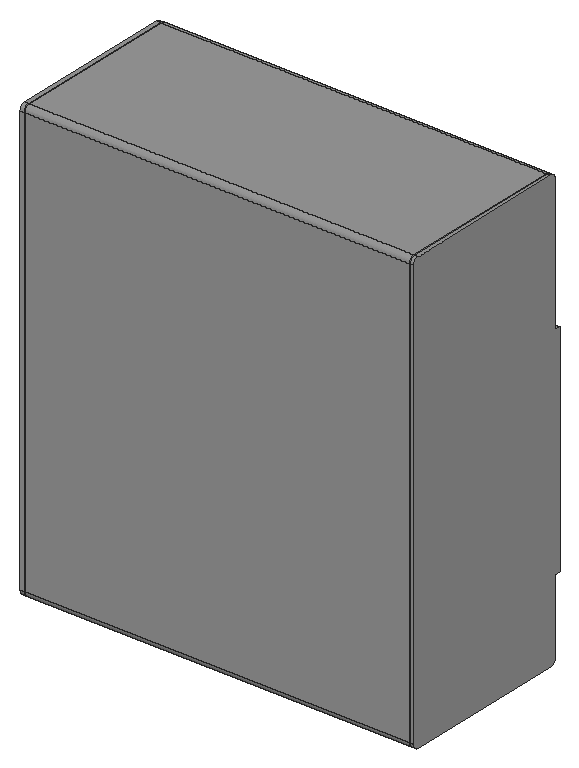
Revit family "L&L_LUCE&LIGHT_PASITO_1.0", category Lighting Fixtures, host Wall, Revit 2018 (continued)
Types (2, lengths in mm): name | Photometric Web File | built-in parameter 1150142
     1.71 1.66 1.62 \r\n1.58 1.53 1.49 1.44 1.40 1.35 1.31 1.27 1.23 1.19 1.14 \r\n1.10 1.06 1.02 0.98 0.94 0.91 0.88 0.85 0.81 0.79 0.76 \r\n0.74 0.71 0.69 0.68 0.65 0.64 0.62 0.60 0.59 0.57 0.56 \r\n0.55 0.53 0.52 0.51 0.50 0.48 0.47 0.46 0.45 0.44 0.43 \r\n0.42 0.41 0.40 0.39 0.37 0.37 0.36 0.35 0.33 0.32 0.31 \r\n0.30 0.29 0.28 0.27 0.27 0.25 0.24 0.23 0.22 0.20 0.14 \r\n0.07 0.02 0.00 \r\n0.00 0.01 0.02 0.03 0.09 0.16 0.18 0.20 0.22 0.26 0.32 \r\n0.40 0.52 0.67 0.85 1.08 1.30 1.65 2.64 7.32 31.28 67.93 \r\n78.76 80.57 82.60 83.06 82.71 83.43 85.39 87.11 88.11 \r\n88.94 89.94 91.41 92.98 94.19 96.19 98.62 99.96 100.97 \r\n102.78 104.94 106.94 108.84 110.43 111.64 113.03 114.06 \r\n114.78 115.63 116.40 117.04 117.57 118.01 118.48 119.21 \r\n120.07 120.79 121.46 122.19 123.02 123.87 124.80 125.64 \r\n126.19 126.66 127.11 127.43 127.68 127.95 128.22 128.30 \r\n127.96 127.53 127.82 127.87 126.60 121.57 107.23 87.07 \r\n64.05 41.19 22.13 10.90 6.41 4.35 3.99 3.82 3.54 3.34 \r\n3.21 3.08 2.95 2.83 2.70 2.59 2.48 2.39 2.31 2.23 2.16 \r\n2.10 2.06 2.01 1.95 1.88 1.79 1.71 1.64 1.59 1.54 1.50 \r\n1.47 1.44 1.40 1.36 1.32 1.28 1.24 1.21 1.17 1.14 1.10 \r\n1.06 1.02 0.99 0.96 0.93 0.89 0.86 0.84 0.81 0.78 0.76 \r\n0.74 0.71 0.69 0.67 0.65 0.63 0.62 0.60 0.59 0.57 0.56 \r\n0.55 0.54 0.52 0.51 0.49 0.49 0.48 0.47 0.45 0.44 0.43 \r\n0.42 0.41 0.40 0.39 0.38 0.37 0.36 0.35 0.34 0.33 0.32 \r\n0.31 0.30 0.29 0.28 0.27 0.26 0.25 0.24 0.23 0.21 0.15 \r\n0.07 0.02 0.00 \r\n0.00 0.01 0.02 0.04 0.11 0.16 0.18 0.21 0.23 0.27 0.35 \r\n0.45 0.59 0.76 0.98 1.21 1.54 2.17 4.92 23.65 62.68 76.13 \r\n78.39 79.72 79.83 79.19 79.81 81.55 82.99 83.93 84.89 \r\n85.84 87.14 88.42 89.44 91.32 93.56 94.54 95.36 97.00 \r\n98.85 100.67 102.39 103.60 104.76 105.89 106.27 106.79 \r\n108.05 109.31 109.85 110.33 110.76 111.14 111.43 111.57 \r\n111.68 111.99 112.55 113.10 113.73 114.26 114.62 114.99 \r\n115.46 115.79 115.96 116.05 115.93 115.47 114.63 113.82 \r\n113.49 113.44 113.45 113.26 111.27 101.64 85.07 65.74 \r\n46.09 27.87 14.16 6.76 4.67 3.95 3.65 3.42 3.17 2.99 2.87 \r\n2.76 2.65 2.54 2.44 2.34 2.25 2.17 2.09 2.03 1.99 1.96 \r\n1.92 1.87 1.81 1.73 1.66 1.59 1.53 1.47 1.42 1.38 1.36 \r\n1.34 1.31 1.27 1.24 1.21 1.17 1.14 1.11 1.08 1.05 1.02 \r\n0.99 0.96 0.93 0.90 0.87 0.84 0.82 0.79 0.77 0.74 0.73 \r\n0.71 0.68 0.66 0.64 0.63 0.61 0.60 0.58 0.57 0.55 0.54 \r\n0.53 0.52 0.50 0.49 0.48 0.47 0.46 0.45 0.44 0.43 0.42 \r\n0.41 0.40 0.39 0.38 0.37 0.36 0.35 0.34 0.33 0.32 0.31 \r\n0.30 0.29 0.28 0.27 0.26 0.25 0.24 0.23 0.21 0.16 0.08 \r\n0.02 0.00 \r\n0.00 0.01 0.02 0.04 0.11 0.16 0.18 0.21 0.24 0.29 0.37 \r\n0.50 0.65 0.83 1.08 1.34 1.72 2.47 12.00 49.62 72.92 \r\n76.69 77.87 77.82 76.75 76.75 77.97 79.02 79.90 80.62 \r\n81.28 82.53 83.50 84.29 85.81 87.74 88.93 89.85 91.19 \r\n92.75 94.23 95.42 96.24 96.92 97.56 97.54 97.25 98.07 \r\n99.25 99.94 100.75 101.35 101.90 102.21 101.88 101.34 \r\n100.80 100.25 99.86 99.82 99.80 99.20 98.70 98.75 99.04 \r\n99.59 100.44 101.21 100.91 99.50 98.84 99.56 99.89 99.80 \r\n100.73 101.03 96.15 84.40 69.20 52.74 35.35 19.41 8.83 \r\n4.67 3.82 3.48 3.26 3.07 2.90 2.74 2.62 2.52 2.43 2.33 \r\n2.24 2.15 2.07 1.99 1.93 1.90 1.87 1.83 1.76 1.68 1.62 \r\n1.56 1.51 1.47 1.41 1.36 1.31 1.28 1.25 1.23 1.21 1.18 \r\n1.15 1.12 1.10 1.07 1.05 1.02 0.99 0.97 0.94 0.92 0.89 \r\n0.86 0.84 0.82 0.79 0.77 0.74 0.73 0.70 0.69 0.67 0.65 \r\n0.63 0.62 0.60 0.58 0.57 0.56 0.54 0.53 0.52 0.51 0.50 \r\n0.48 0.47 0.47 0.46 0.45 0.44 0.43 0.42 0.41 0.40 0.39 \r\n0.38 0.37 0.36 0.36 0.35 0.34 0.33 0.32 0.31 0.30 0.28 \r\n0.27 0.26 0.25 0.24 0.23 0.21 0.16 0.08 0.02 0.00 \r\n0.00 0.01 0.02 0.04 0.12 0.16 0.18 0.21 0.24 0.30 0.39 \r\n0.53 0.69 0.90 1.16 1.51 1.98 4.48 26.63 64.08 75.44 \r\n76.99 77.14 76.04 75.13 75.81 76.56 77.18 77.76 78.07 \r\n78.93 79.61 80.27 80.88 82.32 83.45 84.39 85.46 86.45 \r\n87.40 88.26 88.81 89.11 89.55 89.09 88.53 88.00 88.26 \r\n88.11 88.29 88.75 89.38 90.40 90.72 90.65 90.40 89.60 \r\n88.66 87.47 87.51 86.94 86.32 86.17 86.66 87.56 88.86 \r\n90.44 91.50 91.60 91.10 91.12 91.46 91.65 91.65 92.09 \r\n92.02 85.20 72.42 58.39 43.20 27.07 13.00 5.89 3.91 3.46 \r\n3.20 3.00 2.82 2.67 2.54 2.44 2.35 2.26 2.17 2.09 2.00 \r\n1.93 1.86 1.82 1.79 1.74 1.66 1.59 1.54 1.50 1.46 1.41 \r\n1.37 1.32 1.27 1.22 1.19 1.16 1.14 1.12 1.10 1.07 1.05 \r\n1.03 1.00 0.98 0.96 0.94 0.92 0.89 0.87 0.85 0.82 0.80 \r\n0.78 0.76 0.74 0.72 0.70 0.68 0.66 0.65 0.63 0.62 0.60 \r\n0.59 0.57 0.56 0.55 0.53 0.52 0.51 0.50 0.49 0.48 0.47 \r\n0.46 0.46 0.45 0.43 0.43 0.42 0.41 0.40 0.39 0.38 0.37 \r\n0.36 0.36 0.35 0.34 0.33 0.32 0.31 0.30 0.29 0.28 0.26 \r\n0.25 0.24 0.23 0.22 0.17 0.09 0.02 0.00 \r\n0.00 0.01 0.02 0.04 0.13 0.16 0.18 0.21 0.24 0.31 0.41 \r\n0.55 0.71 0.94 1.20 1.55 2.11 6.72 37.10 69.87 76.37 \r\n77.29 76.96 75.46 75.10 75.75 76.14 76.62 76.88 77.16 \r\n77.68 78.19 78.26 78.76 79.53 79.90 80.59 81.03 81.50 \r\n81.88 82.13 82.24 82.21 81.94 80.80 80.13 79.40 78.64 \r\n78.26 78.03 77.86 77.93 78.18 78.21 78.50 78.67 78.87 \r\n78.58 78.16 78.34 78.49 78.48 78.69 79.25 80.00 81.34 \r\n82.90 83.99 84.94 85.15 84.65 84.40 84.36 84.10 83.59 \r\n82.08 73.81 61.21 47.94 34.30 20.52 9.42 4.54 3.40 3.11 \r\n2.93 2.78 2.63 2.50 2.39 2.29 2.20 2.12 2.04 1.97 1.89 \r\n1.82 1.76 1.72 1.66 1.59 1.53 1.48 1.44 1.39 1.35 1.31 \r\n1.28 1.24 1.19 1.15 1.11 1.08 1.06 1.05 1.03 1.01 0.99 \r\n0.96 0.94 0.92 0.90 0.88 0.86 0.85 0.82 0.81 0.79 0.76 \r\n0.75 0.73 0.71 0.70 0.68 0.66 0.64 0.63 0.62 0.60 0.59 \r\n0.58 0.57 0.55 0.54 0.53 0.52 0.51 0.50 0.49 0.48 0.47 \r\n0.47 0.46 0.45 0.44 0.43 0.42 0.41 0.41 0.40 0.39 0.37 \r\n0.37 0.36 0.35 0.34 0.33 0.32 0.31 0.30 0.29 0.28 0.27 \r\n0.25 0.24 0.23 0.22 0.17 0.09 0.02 0.00 \r\n0.00 0.01 0.02 0.03 0.13 0.16 0.18 0.21 0.24 0.31 0.41 \r\n0.56 0.72 0.95 1.21 1.54 2.11 6.54 40.01 72.99 77.53 \r\n78.22 77.57 76.14 76.11 76.65 76.91 77.33 77.50 77.62 \r\n77.90 78.05 77.64 78.04 77.96 77.93 77.98 77.91 77.81 \r\n77.68 77.45 76.85 76.28 74.92 73.57 72.13 70.51 69.26 \r\n68.45 67.78 67.00 66.51 66.10 65.76 65.28 64.85 64.45 \r\n63.83 63.38 62.96 62.66 62.33 62.13 62.31 62.66 63.44 \r\n64.20 64.53 64.79 64.85 65.01 65.40 65.59 65.66 65.54 \r\n64.17 58.00 48.23 37.67 27.04 16.10 7.53 4.11 3.17 2.94 \r\n2.77 2.64 2.52 2.40 2.30 2.21 2.13 2.05 1.98 1.90 1.84 \r\n1.78 1.72 1.66 1.59 1.53 1.48 1.43 1.39 1.35 1.31 1.27 \r\n1.23 1.20 1.15 1.11 1.08 1.05 1.03 1.02 1.00 0.98 0.96 \r\n0.94 0.93 0.91 0.89 0.87 0.85 0.83 0.81 0.79 0.78 0.76 \r\n0.74 0.72 0.70 0.69 0.67 0.66 0.64 0.63 0.62 0.60 0.59 \r\n0.57 0.57 0.55 0.54 0.53 0.52 0.51 0.50 0.49 0.48 0.47 \r\n0.46 0.45 0.44 0.44 0.43 0.42 0.41 0.41 0.40 0.39 0.38 \r\n0.37 0.36 0.35 0.34 0.33 0.32 0.31 0.30 0.29 0.28 0.27 \r\n0.25 0.24 0.23 0.22 0.18 0.09 0.02 0.00 \r\n0.00 0.01 0.02 0.03 0.13 0.16 0.18 0.21 0.24 0.30 0.41 \r\n0.56 0.71 0.95 1.19 1.50 2.05 4.63 37.66 74.45 78.36 \r\n79.12 78.60 77.26 77.21 77.84 78.06 78.55 78.72 78.69 \r\n78.78 78.80 78.15 78.27 78.11 77.72 77.50 77.08 76.69 \r\n76.21 75.74 75.11 74.25 72.87 71.22 69.67 67.86 66.23 \r\n64.81 63.84 62.60 61.84 61.07 60.35 59.85 59.22 58.77 \r\n57.71 56.94 56.53 56.11 55.82 55.56 55.50 55.68 56.29 \r\n56.93 57.58 57.71 57.82 57.91 58.13 58.27 58.43 58.40 \r\n57.53 53.71 45.87 35.89 26.72 17.37 8.72 4.23 3.30 2.96 \r\n2.81 2.67 2.55 2.43 2.33 2.18 2.11 2.03 1.97 1.89 1.82 \r\n1.76 1.71 1.65 1.58 1.52 1.47 1.42 1.38 1.33 1.30 1.26 \r\n1.23 1.19 1.13 1.10 1.07 1.04 1.02 1.01 1.00 0.98 0.96 \r\n0.94 0.93 0.91 0.89 0.87 0.84 0.83 0.80 0.79 0.77 0.75 \r\n0.73 0.72 0.70 0.69 0.67 0.66 0.64 0.62 0.61 0.60 0.59 \r\n0.57 0.57 0.55 0.54 0.53 0.52 0.51 0.50 0.49 0.48 0.47 \r\n0.46 0.45 0.44 0.43 0.43 0.42 0.41 0.41 0.40 0.39 0.37 \r\n0.37 0.36 0.35 0.34 0.33 0.32 0.31 0.30 0.29 0.28 0.27 \r\n0.25 0.24 0.23 0.22 0.18 0.09 0.02 0.00 \r\n0.00 0.01 0.02 0.03 0.13 0.16 0.18 0.21 0.24 0.31 0.41 \r\n0.56 0.72 0.95 1.21 1.54 2.11 6.54 40.01 72.99 77.53 \r\n78.22 77.57 76.14 76.11 76.65 76.91 77.33 77.50 77.62 \r\n77.90 78.05 77.64 78.04 77.96 77.93 77.98 77.91 77.81 \r\n77.68 77.45 76.85 76.28 74.92 73.57 72.13 70.51 69.26 \r\n68.45 67.78 67.00 66.51 66.10 65.76 65.28 64.85 64.45 \r\n63.83 63.38 62.96 62.66 62.33 62.13 62.31 62.66 63.44 \r\n64.20 64.53 64.79 64.85 65.01 65.40 65.59 65.66 65.54 \r\n64.17 58.00 48.23 37.67 27.04 16.10 7.53 4.11 3.17 2.94 \r\n2.77 2.64 2.52 2.40 2.30 2.21 2.13 2.05 1.98 1.90 1.84 \r\n1.78 1.72 1.66 1.59 1.53 1.48 1.43 1.39 1.35 1.31 1.27 \r\n1.23 1.20 1.15 1.11 1.08 1.05 1.03 1.02 1.00 0.98 0.96 \r\n0.94 0.93 0.91 0.89 0.87 0.85 0.83 0.81 0.79 0.78 0.76 \r\n0.74 0.72 0.70 0.69 0.67 0.66 0.64 0.63 0.62 0.60 0.59 \r\n0.57 0.57 0.55 0.54 0.53 0.52 0.51 0.50 0.49 0.48 0.47 \r\n0.46 0.45 0.44 0.44 0.43 0.42 0.41 0.41 0.40 0.39 0.38 \r\n0.37 0.36 0.35 0.34 0.33 0.32 0.31 0.30 0.29 0.28 0.27 \r\n0.25 0.24 0.23 0.22 0.18 0.09 0.02 0.00 \r\n0.00 0.01 0.02 0.04 0.13 0.16 0.18 0.21 0.24 0.31 0.41 \r\n0.55 0.71 0.94 1.20 1.55 2.11 6.72 37.10 69.87 76.37 \r\n77.29 76.96 75.46 75.10 75.75 76.14 76.62 76.88 77.16 \r\n77.68 78.19 78.26 78.76 79.53 79.90 80.59 81.03 81.50 \r\n81.88 82.13 82.24 82.21 81.94 80.80 80.13 79.40 78.64 \r\n78.26 78.03 77.86 77.93 78.18 78.21 78.50 78.67 78.87 \r\n78.58 78.16 78.34 78.49 78.48 78.69 79.25 80.00 81.34 \r\n82.90 83.99 84.94 85.15 84.65 84.40 84.36 84.10 83.59 \r\n82.08 73.81 61.21 47.94 34.30 20.52 9.42 4.54 3.40 3.11 \r\n2.93 2.78 2.63 2.50 2.39 2.29 2.20 2.12 2.04 1.97 1.89 \r\n1.82 1.76 1.72 1.66 1.59 1.53 1.48 1.44 1.39 1.35 1.31 \r\n1.28 1.24 1.19 1.15 1.11 1.08 1.06 1.05 1.03 1.01 0.99 \r\n0.96 0.94 0.92 0.90 0.88 0.86 0.85 0.82 0.81 0.79 0.76 \r\n0.75 0.73 0.71 0.70 0.68 0.66 0.64 0.63 0.62 0.60 0.59 \r\n0.58 0.57 0.55 0.54 0.53 0.52 0.51 0.50 0.49 0.48 0.47 \r\n0.47 0.46 0.45 0.44 0.43 0.42 0.41 0.41 0.40 0.39 0.37 \r\n0.37 0.36 0.35 0.34 0.33 0.32 0.31 0.30 0.29 0.28 0.27 \r\n0.25 0.24 0.23 0.22 0.17 0.09 0.02 0.00 \r\n0.00 0.01 0.02 0.04 0.12 0.16 0.18 0.21 0.24 0.30 0.39 \r\n0.53 0.69 0.90 1.16 1.51 1.98 4.48 26.63 64.08 75.44 \r\n76.99 77.14 76.04 75.13 75.81 76.56 77.18 77.76 78.07 \r\n78.93 79.61 80.27 80.88 82.32 83.45 84.39 85.46 86.45 \r\n87.40 88.26 88.81 89.11 89.55 89.09 88.53 88.00 88.26 \r\n88.11 88.29 88.75 89.38 90.40 90.72 90.65 90.40 89.60 \r\n88.66 87.47 87.51 86.94 86.32 86.17 86.66 87.56 88.86 \r\n90.44 91.50 91.60 91.10 91.12 91.46 91.65 91.65 92.09 \r\n92.02 85.20 72.42 58.39 43.20 27.07 13.00 5.89 3.91 3.46 \r\n3.20 3.00 2.82 2.67 2.54 2.44 2.35 2.26 2.17 2.09 2.00 \r\n1.93 1.86 1.82 1.79 1.74 1.66 1.59 1.54 1.50 1.46 1.41 \r\n1.37 1.32 1.27 1.22 1.19 1.16 1.14 1.12 1.10 1.07 1.05 \r\n1.03 1.00 0.98 0.96 0.94 0.92 0.89 0.87 0.85 0.82 0.80 \r\n0.78 0.76 0.74 0.72 0.70 0.68 0.66 0.65 0.63 0.62 0.60 \r\n0.59 0.57 0.56 0.55 0.53 0.52 0.51 0.50 0.49 0.48 0.47 \r\n0.46 0.46 0.45 0.43 0.43 0.42 0.41 0.40 0.39 0.38 0.37 \r\n0.36 0.36 0.35 0.34 0.33 0.32 0.31 0.30 0.29 0.28 0.26 \r\n0.25 0.24 0.23 0.22 0.17 0.09 0.02 0.00 \r\n0.00 0.01 0.02 0.04 0.11 0.16 0.18 0.21 0.24 0.29 0.37 \r\n0.50 0.65 0.83 1.08 1.34 1.72 2.47 12.00 49.62 72.92 \r\n76.69 77.87 77.82 76.75 76.75 77.97 79.02 79.90 80.62 \r\n81.28 82.53 83.50 84.29 85.81 87.74 88.93 89.85 91.19 \r\n92.75 94.23 95.42 96.24 96.92 97.56 97.54 97.25 98.07 \r\n99.25 99.94 100.75 101.35 101.90 102.21 101.88 101.34 \r\n100.80 100.25 99.86 99.82 99.80 99.20 98.70 98.75 99.04 \r\n99.59 100.44 101.21 100.91 99.50 98.84 99.56 99.89 99.80 \r\n100.73 101.03 96.15 84.40 69.20 52.74 35.35 19.41 8.83 \r\n4.67 3.82 3.48 3.26 3.07 2.90 2.74 2.62 2.52 2.43 2.33 \r\n2.24 2.15 2.07 1.99 1.93 1.90 1.87 1.83 1.76 1.68 1.62 \r\n1.56 1.51 1.47 1.41 1.36 1.31 1.28 1.25 1.23 1.21 1.18 \r\n1.15 1.12 1.10 1.07 1.05 1.02 0.99 0.97 0.94 0.92 0.89 \r\n0.86 0.84 0.82 0.79 0.77 0.74 0.73 0.70 0.69 0.67 0.65 \r\n0.63 0.62 0.60 0.58 0.57 0.56 0.54 0.53 0.52 0.51 0.50 \r\n0.48 0.47 0.47 0.46 0.45 0.44 0.43 0.42 0.41 0.40 0.39 \r\n0.38 0.37 0.36 0.36 0.35 0.34 0.33 0.32 0.31 0.30 0.28 \r\n0.27 0.26 0.25 0.24 0.23 0.21 0.16 0.08 0.02 0.00 \r\n0.00 0.01 0.02 0.04 0.11 0.16 0.18 0.21 0.23 0.27 0.35 \r\n0.45 0.59 0.76 0.98 1.21 1.54 2.17 4.92 23.65 62.68 76.13 \r\n78.39 79.72 79.83 79.19 79.81 81.55 82.99 83.93 84.89 \r\n85.84 87.14 88.42 89.44 91.32 93.56 94.54 95.36 97.00 \r\n98.85 100.67 102.39 103.60 104.76 105.89 106.27 106.79 \r\n108.05 109.31 109.85 110.33 110.76 111.14 111.43 111.57 \r\n111.68 111.99 112.55 113.10 113.73 114.26 114.62 114.99 \r\n115.46 115.79 115.96 116.05 115.93 115.47 114.63 113.82 \r\n113.49 113.44 113.45 113.26 111.27 101.64 85.07 65.74 \r\n46.09 27.87 14.16 6.76 4.67 3.95 3.65 3.42 3.17 2.99 2.87 \r\n2.76 2.65 2.54 2.44 2.34 2.25 2.17 2.09 2.03 1.99 1.96 \r\n1.92 1.87 1.81 1.73 1.66 1.59 1.53 1.47 1.42 1.38 1.36 \r\n1.34 1.31 1.27 1.24 1.21 1.17 1.14 1.11 1.08 1.05 1.02 \r\n0.99 0.96 0.93 0.90 0.87 0.84 0.82 0.79 0.77 0.74 0.73 \r\n0.71 0.68 0.66 0.64 0.63 0.61 0.60 0.58 0.57 0.55 0.54 \r\n0.53 0.52 0.50 0.49 0.48 0.47 0.46 0.45 0.44 0.43 0.42 \r\n0.41 0.40 0.39 0.38 0.37 0.36 0.35 0.34 0.33 0.32 0.31 \r\n0.30 0.29 0.28 0.27 0.26 0.25 0.24 0.23 0.21 0.16 0.08 \r\n0.02 0.00 \r\n0.00 0.01 0.02 0.03 0.09 0.16 0.18 0.20 0.22 0.26 0.32 \r\n0.40 0.52 0.67 0.85 1.08 1.30 1.65 2.64 7.32 31.28 67.93 \r\n78.76 80.57 82.60 83.06 82.71 83.43 85.39 87.11 88.11 \r\n88.94 89.94 91.41 92.98 94.19 96.19 98.62 99.96 100.97 \r\n102.78 104.94 106.94 108.84 110.43 111.64 113.03 114.06 \r\n114.78 115.63 116.40 117.04 117.57 118.01 118.48 119.21 \r\n120.07 120.79 121.46 122.19 123.02 123.87 124.80 125.64 \r\n126.19 126.66 127.11 127.43 127.68 127.95 128.22 128.30 \r\n127.96 127.53 127.82 127.87 126.60 121.57 107.23 87.07 \r\n64.05 41.19 22.13 10.90 6.41 4.35 3.99 3.82 3.54 3.34 \r\n3.21 3.08 2.95 2.83 2.70 2.59 2.48 2.39 2.31 2.23 2.16 \r\n2.10 2.06 2.01 1.95 1.88 1.79 1.71 1.64 1.59 1.54 1.50 \r\n1.47 1.44 1.40 1.36 1.32 1.28 1.24 1.21 1.17 1.14 1.10 \r\n1.06 1.02 0.99 0.96 0.93 0.89 0.86 0.84 0.81 0.78 0.76 \r\n0.74 0.71 0.69 0.67 0.65 0.63 0.62 0.60 0.59 0.57 0.56 \r\n0.55 0.54 0.52 0.51 0.49 0.49 0.48 0.47 0.45 0.44 0.43 \r\n0.42 0.41 0.40 0.39 0.38 0.37 0.36 0.35 0.34 0.33 0.32 \r\n0.31 0.30 0.29 0.28 0.27 0.26 0.25 0.24 0.23 0.21 0.15 \r\n0.07 0.02 0.00 \r\n0.00 0.01 0.02 0.03 0.08 0.15 0.17 0.19 0.22 0.24 0.28 \r\n0.36 0.45 0.58 0.73 0.92 1.13 1.36 1.69 2.75 8.32 31.02 \r\n67.67 81.15 83.51 85.07 86.42 86.36 86.72 88.42 90.50 \r\n91.90 93.14 94.37 95.92 97.89 99.62 101.54 103.94 105.85 \r\n107.06 108.72 110.98 113.15 115.28 117.41 119.32 121.01 \r\n122.65 123.89 124.84 125.65 126.29 126.98 127.77 128.51 \r\n129.37 130.54 131.77 132.83 133.70 134.67 135.89 137.15 \r\n138.41 139.60 140.57 141.37 141.90 142.23 142.56 142.83 \r\n142.96 143.03 143.28 143.83 143.92 140.71 131.42 114.00 \r\n90.56 64.82 40.79 21.40 9.10 6.72 5.58 4.41 4.12 3.89 \r\n3.65 3.32 3.24 3.21 3.10 2.94 2.78 2.66 2.56 2.47 2.38 \r\n2.30 2.22 2.14 2.07 1.99 1.91 1.83 1.77 1.71 1.66 1.62 \r\n1.58 1.53 1.49 1.44 1.40 1.35 1.31 1.27 1.23 1.19 1.14 \r\n1.10 1.06 1.02 0.98 0.94 0.91 0.88 0.85 0.81 0.79 0.76 \r\n0.74 0.71 0.69 0.68 0.65 0.64 0.62 0.60 0.59 0.57 0.56 \r\n0.55 0.53 0.52 0.51 0.50 0.48 0.47 0.46 0.45 0.44 0.43 \r\n0.42 0.41 0.40 0.39 0.37 0.37 0.36 0.35 0.33 0.32 0.31 \r\n0.30 0.29 0.28 0.27 0.27 0.25 0.24 0.23 0.22 0.20 0.14 \r\n0.07 0.02 0.00 \r\n0.00 0.01 0.01 0.03 0.06 0.13 0.17 0.18 0.21 0.23 0.26 \r\n0.31 0.38 0.49 0.61 0.75 0.94 1.15 1.39 1.67 2.30 5.33 \r\n25.22 57.94 80.34 86.43 87.78 88.67 89.91 90.73 92.21 \r\n94.59 97.11 98.82 100.27 101.87 103.86 105.89 107.82 \r\n109.89 112.27 114.21 115.63 117.54 119.98 122.50 125.01 \r\n127.60 130.03 132.13 133.83 135.27 136.43 137.33 138.34 \r\n139.47 140.74 142.16 143.58 144.89 146.12 147.56 149.46 \r\n151.73 153.94 155.91 157.77 159.45 160.93 162.20 163.05 \r\n163.34 163.46 163.65 164.31 165.30 165.61 163.27 156.61 \r\n144.15 123.99 96.44 66.21 38.87 21.50 12.89 7.81 5.10 \r\n4.66 4.39 4.19 3.97 3.78 3.62 3.44 3.26 3.11 2.98 2.86 \r\n2.75 2.64 2.54 2.44 2.34 2.24 2.14 2.06 1.98 1.91 1.85 \r\n1.80 1.75 1.69 1.63 1.58 1.52 1.46 1.41 1.36 1.30 1.25 \r\n1.20 1.16 1.12 1.07 1.02 0.98 0.95 0.91 0.87 0.84 0.81 \r\n0.79 0.76 0.73 0.71 0.69 0.67 0.65 0.63 0.62 0.60 0.58 \r\n0.57 0.56 0.54 0.53 0.52 0.51 0.50 0.49 0.47 0.46 0.45 \r\n0.44 0.43 0.42 0.40 0.39 0.38 0.37 0.36 0.35 0.34 0.33 \r\n0.32 0.31 0.30 0.29 0.28 0.27 0.26 0.25 0.24 0.23 0.22 \r\n0.19 0.13 0.06 0.01 0.00 \r\n0.00 0.00 0.01 0.02 0.05 0.11 0.16 0.18 0.20 0.22 0.24 \r\n0.27 0.32 0.39 0.50 0.62 0.75 0.93 1.13 1.37 1.68 1.99 \r\n4.32 11.65 39.52 69.13 85.62 91.46 93.49 94.64 95.52 \r\n97.35 99.73 102.40 104.98 106.82 108.23 109.77 111.73 \r\n113.84 116.07 118.47 120.96 123.56 125.60 127.4
